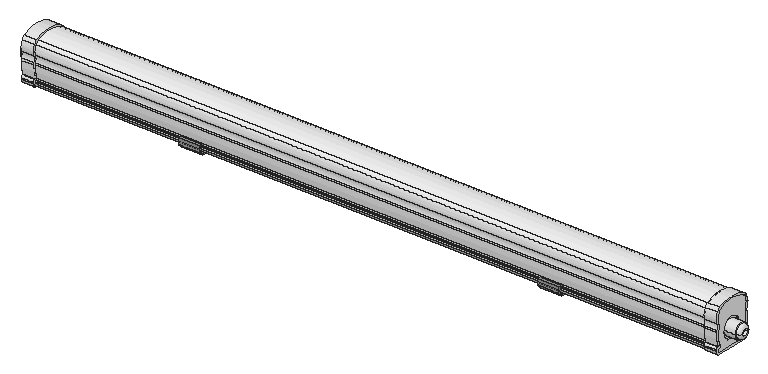
Revit family "0046033", category Lighting Fixtures, host Face, Revit 2016
Family settings
  Host = Face
  Part Type = Normal
  Round Connector Dimension = Use Diameter
  OmniClass Number = 23.80.70.00
  OmniClass Title = Lighting
  Cut with Voids When Loaded = No
  Light Source = Yes
  Shared = No
  Room Calculation Point = No
Parameters (values of type "0046033 ST WTRPRF SLIM 1200 IP65 2400LM 840")
  Weight = "7.26 kg"
  Wattage Comments = ""
  Wattage = 19 W
  WarrantyStartDate [instance] = "n/a"
  WarrantyGuarantorParts = "n/a"
  WarrantyDurationUnit = "n/a"
  WarrantyDurationParts = "n/a"
  WarrantyDescription = "n/a"
  built-in parameter 1150110 = 1 (stored number, unit not read)
  Voltage = 0 V
  URL = "http://www.sylvania-lighting.com"
  TypeName = "START Waterproof Slim 1200 IP65 2400lm 840"
  Type Image = <None>
  Type Comments = "n/a"
  built-in parameter 1114217 = 1 (stored number, unit not read)
  Tilt Angle = -90.00°
  built-in parameter 1150109 = 1 (stored number, unit not read)
  built-in parameter 1150134 = 12
  built-in parameter 1150113 = 1 (stored number, unit not read)
  SerialNumber [instance] = "n/a"
  S_SYL = no
  Photometric Web File = "0046033.ies"
  Material_3_SYL = Aluminum
  PowerFactor = 0.9
  PowerConsumption = "19 W"
  NominalLength = 1208 mm
  NominalHeight = 75 mm
  NominalDepth = 63 mm
  Name = "START Waterproof Slim 1200 IP65 2400lm 840"
  ModelReference = Name  # "START Waterproof Slim 1200 IP65 2400lm 840"
  ModelNumber = "0046033"
  Model = Name  # "START Waterproof Slim 1200 IP65 2400lm 840"
  Material = "n/a"
  ManufacturerName = "Feilo Sylvania"
  Manufacturer = "Feilo Sylvania"
  M_SYL = yes
  LuminousEfficacy = "130 lm/W"
  built-in parameter 1150105 = 718.15 (stored number, unit not read)
  Lumens = 2470 lm
  LuminaireType = ""
  built-in parameter 1150115 = 1 (stored number, unit not read)
  LightOutputRatio = "n/a"
  built-in parameter 1150137 = (empty or 0)
  built-in parameter 1150139 = (empty or 0)
  Length_SYL = if(S_SYL, 601 mm, if(M_SYL, 1161 mm, 1442 mm))  # 1161 mm
  LampsType = Lamp  # "LED"
  LampNominalLuminous = "2400 lm"
  LampMacAdamStep = "n/a"
  LampColourTemperature = "4000 K"
  LampColourRenderingIndex = "80"
  built-in parameter 1150112 = 1 (stored number, unit not read)
  built-in parameter 1150114 = 1 (stored number, unit not read)
  Lamp = "LED"
  Keynote = "16500"
  InstallationDate [instance] = "n/a"
  InputVoltage = "n/a"
  InputNominalFrequency = "n/a"
  built-in parameter 1150132 = (empty or 0)
  built-in parameter 1150102 = (empty or 0)
  built-in parameter 1150107 = 4000 (stored number, unit not read)
  built-in parameter 1150138 = (empty or 0)
  IngressProtection = "IP65"
  ImpactProtectionIndex = "IK08"
  built-in parameter 1150106 = 7.1815 (stored number, unit not read)
  IfcExportType = "IfcLightFixtureType"
  IfcExportAs = "IfcLightFixtureType"
  Emit from Rectangle Width = 60 mm
  Emit from Rectangle Length = Length_SYL - 41 mm  # 1120 mm
  Emit Shape Visible in Rendering = no
  ElectricShockClassification = "Class I"
  built-in parameter 1150104 = 12.077 (stored number, unit not read)
  DocumentationLiterature = "http://www.sylvania-lighting.com/product/en-int/products/0046033"
  DimmingControlOptions = "n/a"
  Material_2_SYL = Diffuser-Sylvania
  Dimming Lamp Color Temperature Shift = <None>
  Description = "START Waterproof Slim is a LED integrated polycarbonate housing luminaire with easy to access electrical terminal through bayonet lock end caps and tool-free electrical connection due to push-in terminal. Flexible installation as mounting brackets can be positioned freely on the luminaire. 19W; 2400lm; High efficiency with 130lm/W and 50,000 lifetime. SDCM ≤6; IP65; IK08; Class I; 1208mm x 63mm x 75mm ,"
  Default Elevation = 1219.2 mm
  CreatedOn = "3/5/2019"
  CreatedBy = "@sylvania-lighting.com"
  Cost = 0
  Color Filter = 16777215
  built-in parameter 1114216 [instance] = (empty or 0)
  ClassificationValue = "EF_70_80"
  ClassificationName = "Uniclass2015"
  Material_1_SYL = PC/ABS Plastic
  BracketDistance_SYL = if(S_SYL, 300 mm, if(M_SYL, 600 mm, 750 mm))  # 600 mm
  BarCode [instance] = "n/a"
  built-in parameter 1114218 = 1 (stored number, unit not read)
  built-in parameter 1150133 = 10 (stored number, unit not read)
  AssetType = "Fixed"
  AssetIdentifier [instance] = "n/a"
  Assembly Code = "D5020200"
  Apparent Load = 19 VA
  Material_4_SYL = none
Reference planes
  plane 1 "Center (Front/Back)": y = 0
  plane 2: z = 0
  plane 3 "Center (Left/Right)": x = 0
  plane 4: y = 31.5
  plane 5: y = -31.5
  plane 6: z = 86
  plane 7: z = 5
  plane 8: x = -580.5
  plane 9: x = 580.5
  plane 10: x = -560
  plane 11: x = 560
  plane 12: x = -579.5
  plane 13: x = 579.5
  plane 14: z = 33.7
  plane 15: y = 11
  plane 16: x = 575.5
  plane 17: x = -575.5
  plane 18: y = 17
  plane 19: x = 596
  plane 20: x = -596
  plane 21: x = 602.2
  plane 22: x = -602.2
  plane 23: y = 12.2
  plane 24: y = 6.2
  plane 25: z = 1
  plane 26: y = 26
  plane 27: y = -26
  plane 28: z = 15
  plane 29: x = -300
  plane 30: x = 300
  plane 31: x = -317.5
  plane 32: x = -282.5
  plane 33: x = 317.5
  plane 34: x = 282.5
Forms (mm)
  Extrusion 1, solid
    sketch origin (0, 0, 5) x (0, 1, 0) y (0, 0, 1)
      loop
        arc (26.446, 12.356) -> (28.93, 23.033) -> (29.9, 33.951) r 78.424
        arc (29.9, 33.951) -> (29.789, 35.375) -> (29.407, 36.75) r 7.401
        arc (29.407, 36.75) -> (28.37, 42.326) -> (29.407, 47.901) r 15.507
        arc (29.407, 47.901) -> (30.59, 55.782) -> (28.321, 63.421) r 18.358
        arc (28.321, 63.421) -> (26.333, 66.056) -> (23.699, 68.044) r 11.911
        arc (23.699, 68.044) -> (0, 74.189) -> (-23.699, 68.044) r 48.773
        arc (-23.699, 68.044) -> (-26.333, 66.056) -> (-28.321, 63.421) r 11.911
        arc (-28.321, 63.421) -> (-30.59, 55.782) -> (-29.407, 47.901) r 18.358
        arc (-29.407, 47.901) -> (-28.37, 42.326) -> (-29.407, 36.75) r 15.507
        arc (-29.407, 36.75) -> (-29.789, 35.375) -> (-29.9, 33.951) r 7.401
        arc (-29.9, 33.951) -> (-28.93, 23.033) -> (-26.446, 12.356) r 78.424
        line (-26.446, 12.356) -> (-26.446, 9.516) -> (-28.478, 9.516)
        arc (-28.478, 9.516) -> (-29.483, 9.1) -> (-29.9, 8.094) r 1.422
        line (-29.9, 8.094) -> (-29.9, 5.51)
        arc (-29.9, 5.51) -> (-28.755, 2.745) -> (-25.99, 1.6) r 3.91
        line (-25.99, 1.6) -> (0, 1.6) -> (25.99, 1.6)
        arc (25.99, 1.6) -> (28.755, 2.745) -> (29.9, 5.51) r 3.91
        line (29.9, 5.51) -> (29.9, 8.094)
        arc (29.9, 8.094) -> (29.483, 9.1) -> (28.478, 9.516) r 1.422
        line (28.478, 9.516) -> (26.446, 9.516) -> (26.446, 12.356)
    from -560 to 560
  Extrusion 2, solid, material "PC/ABS Plastic" <- "Material_1_SYL"
    sketch origin (560, 1524, 1224.2) x (0, 1, 0) y (0, 0, 1)
      loop
        line (-1552.046, -1207.084) -> (-1552.046, -1208.115)
        arc (-1552.046, -1208.115) -> (-1554.456, -1208.821) -> (-1555.5, -1211.106) r 3.022
        line (-1555.5, -1211.106) -> (-1555.5, -1213.69)
        arc (-1555.5, -1213.69) -> (-1553.886, -1217.586) -> (-1549.99, -1219.2) r 5.51
        line (-1549.99, -1219.2) -> (-1524, -1219.2) -> (-1498.01, -1219.2)
        arc (-1498.01, -1219.2) -> (-1494.114, -1217.586) -> (-1492.5, -1213.69) r 5.51
        line (-1492.5, -1213.69) -> (-1492.5, -1211.106)
        arc (-1492.5, -1211.106) -> (-1493.544, -1208.821) -> (-1495.954, -1208.115) r 3.022
        line (-1495.954, -1208.115) -> (-1495.954, -1207.084)
        arc (-1495.954, -1207.084) -> (-1493.471, -1196.301) -> (-1492.5, -1185.279) r 80.024
        arc (-1492.5, -1185.279) -> (-1492.635, -1183.547) -> (-1493.1, -1181.874) r 9.001
        arc (-1493.1, -1181.874) -> (-1494.03, -1176.874) -> (-1493.1, -1171.874) r 13.907
        arc (-1493.1, -1171.874) -> (-1491.814, -1163.307) -> (-1494.28, -1155.001) r 19.958
        arc (-1494.28, -1155.001) -> (-1496.535, -1152.013) -> (-1499.524, -1149.758) r 13.511
        arc (-1499.524, -1149.758) -> (-1524, -1143.411) -> (-1548.476, -1149.758) r 50.373
        arc (-1548.476, -1149.758) -> (-1551.465, -1152.013) -> (-1553.72, -1155.001) r 13.511
        arc (-1553.72, -1155.001) -> (-1556.186, -1163.307) -> (-1554.9, -1171.874) r 19.958
        arc (-1554.9, -1171.874) -> (-1553.97, -1176.874) -> (-1554.9, -1181.874) r 13.907
        arc (-1554.9, -1181.874) -> (-1555.365, -1183.547) -> (-1555.5, -1185.279) r 9.001
        arc (-1555.5, -1185.279) -> (-1554.529, -1196.301) -> (-1552.046, -1207.084) r 80.024
    from 0 to 20.5
  Extrusion 3, solid, material "PC/ABS Plastic" <- "Material_1_SYL"
    sketch origin (-560, 1524, 1224.2) x (0, 1, 0) y (0, 0, 1)
      loop
        arc (-1499.524, -1149.758) -> (-1524, -1143.411) -> (-1548.476, -1149.758) r 50.373
        arc (-1548.476, -1149.758) -> (-1551.465, -1152.013) -> (-1553.72, -1155.001) r 13.511
        arc (-1553.72, -1155.001) -> (-1556.186, -1163.307) -> (-1554.9, -1171.874) r 19.958
        arc (-1554.9, -1171.874) -> (-1553.97, -1176.874) -> (-1554.9, -1181.874) r 13.907
        arc (-1554.9, -1181.874) -> (-1555.365, -1183.547) -> (-1555.5, -1185.279) r 9.001
        arc (-1555.5, -1185.279) -> (-1554.529, -1196.301) -> (-1552.046, -1207.084) r 80.024
        line (-1552.046, -1207.084) -> (-1552.046, -1208.115)
        arc (-1552.046, -1208.115) -> (-1554.456, -1208.821) -> (-1555.5, -1211.106) r 3.022
        line (-1555.5, -1211.106) -> (-1555.5, -1213.69)
        arc (-1555.5, -1213.69) -> (-1553.886, -1217.586) -> (-1549.99, -1219.2) r 5.51
        line (-1549.99, -1219.2) -> (-1524, -1219.2) -> (-1498.01, -1219.2)
        arc (-1498.01, -1219.2) -> (-1494.114, -1217.586) -> (-1492.5, -1213.69) r 5.51
        line (-1492.5, -1213.69) -> (-1492.5, -1211.106)
        arc (-1492.5, -1211.106) -> (-1493.544, -1208.821) -> (-1495.954, -1208.115) r 3.022
        line (-1495.954, -1208.115) -> (-1495.954, -1207.084)
        arc (-1495.954, -1207.084) -> (-1493.471, -1196.301) -> (-1492.5, -1185.279) r 80.024
        arc (-1492.5, -1185.279) -> (-1492.635, -1183.547) -> (-1493.1, -1181.874) r 9.001
        arc (-1493.1, -1181.874) -> (-1494.03, -1176.874) -> (-1493.1, -1171.874) r 13.907
        arc (-1493.1, -1171.874) -> (-1491.814, -1163.307) -> (-1494.28, -1155.001) r 19.958
        arc (-1494.28, -1155.001) -> (-1496.535, -1152.013) -> (-1499.524, -1149.758) r 13.511
    from -20.5 to 0
  Extrusion 4, void
    sketch origin (580.5, 1524, 1224.2) x (0, -1, 0) y (0, 0, 1)
      loop
        arc (1553.033, -1171.155) -> (1554.191, -1163.446) -> (1551.972, -1155.973) r 17.958
        arc (1551.972, -1155.973) -> (1550.051, -1153.427) -> (1547.504, -1151.506) r 11.511
        arc (1547.504, -1151.506) -> (1524, -1145.411) -> (1500.496, -1151.506) r 48.373
        arc (1500.496, -1151.506) -> (1497.949, -1153.427) -> (1496.028, -1155.973) r 11.511
        arc (1496.028, -1155.973) -> (1493.809, -1163.446) -> (1494.967, -1171.155) r 17.958
        arc (1494.967, -1171.155) -> (1496.03, -1176.874) -> (1494.967, -1182.593) r 15.907
        arc (1494.967, -1182.593) -> (1494.605, -1183.895) -> (1494.5, -1185.241) r 7.001
        arc (1494.5, -1185.241) -> (1495.47, -1196.134) -> (1497.954, -1206.784) r 78.024
        line (1497.954, -1206.784) -> (1497.954, -1210.094) -> (1495.668, -1210.094)
        arc (1495.668, -1210.094) -> (1494.853, -1210.333) -> (1494.5, -1211.106) r 1.022
        line (1494.5, -1211.106) -> (1494.5, -1213.69)
        arc (1494.5, -1213.69) -> (1495.528, -1216.172) -> (1498.01, -1217.2) r 3.51
        line (1498.01, -1217.2) -> (1524, -1217.2) -> (1549.99, -1217.2)
        arc (1549.99, -1217.2) -> (1552.472, -1216.172) -> (1553.5, -1213.69) r 3.51
        line (1553.5, -1213.69) -> (1553.5, -1211.106)
        arc (1553.5, -1211.106) -> (1553.147, -1210.333) -> (1552.332, -1210.094) r 1.022
        line (1552.332, -1210.094) -> (1550.046, -1210.094) -> (1550.046, -1206.784)
        arc (1550.046, -1206.784) -> (1552.53, -1196.134) -> (1553.5, -1185.241) r 78.024
        arc (1553.5, -1185.241) -> (1553.395, -1183.895) -> (1553.033, -1182.593) r 7.001
        arc (1553.033, -1182.593) -> (1551.97, -1176.874) -> (1553.033, -1171.155) r 15.907
    from 0 to 1
  Extrusion 5, void
    sketch origin (-580.5, 1524, 1224.2) x (0, -1, 0) y (0, 0, 1)
      loop
        arc (1547.504, -1151.506) -> (1524, -1145.411) -> (1500.496, -1151.506) r 48.373
        arc (1500.496, -1151.506) -> (1497.949, -1153.427) -> (1496.028, -1155.973) r 11.511
        arc (1496.028, -1155.973) -> (1493.809, -1163.446) -> (1494.967, -1171.155) r 17.958
        arc (1494.967, -1171.155) -> (1496.03, -1176.874) -> (1494.967, -1182.593) r 15.907
        arc (1494.967, -1182.593) -> (1494.605, -1183.895) -> (1494.5, -1185.241) r 7.001
        arc (1494.5, -1185.241) -> (1495.47, -1196.134) -> (1497.954, -1206.784) r 78.024
        line (1497.954, -1206.784) -> (1497.954, -1210.094) -> (1495.668, -1210.094)
        arc (1495.668, -1210.094) -> (1494.853, -1210.333) -> (1494.5, -1211.106) r 1.022
        line (1494.5, -1211.106) -> (1494.5, -1213.69)
        arc (1494.5, -1213.69) -> (1495.528, -1216.172) -> (1498.01, -1217.2) r 3.51
        line (1498.01, -1217.2) -> (1524, -1217.2) -> (1549.99, -1217.2)
        arc (1549.99, -1217.2) -> (1552.472, -1216.172) -> (1553.5, -1213.69) r 3.51
        line (1553.5, -1213.69) -> (1553.5, -1211.106)
        arc (1553.5, -1211.106) -> (1553.147, -1210.333) -> (1552.332, -1210.094) r 1.022
        line (1552.332, -1210.094) -> (1550.046, -1210.094) -> (1550.046, -1206.784)
        arc (1550.046, -1206.784) -> (1552.53, -1196.134) -> (1553.5, -1185.241) r 78.024
        arc (1553.5, -1185.241) -> (1553.395, -1183.895) -> (1553.033, -1182.593) r 7.001
        arc (1553.033, -1182.593) -> (1551.97, -1176.874) -> (1553.033, -1171.155) r 15.907
        arc (1553.033, -1171.155) -> (1554.191, -1163.446) -> (1551.972, -1155.973) r 17.958
        arc (1551.972, -1155.973) -> (1550.051, -1153.427) -> (1547.504, -1151.506) r 11.511
    from 0 to -1
  Revolve 6, void
    sketch origin (0, 1219.2, 33.7) x (1, 0, 0) y (0, 1, 0)
      loop
        line (579.5, -1202.2) -> (575.5, -1202.2) -> (575.5, -1219.2) -> (579.5, -1219.2) -> (579.5, -1202.2)
      loop
        line (-575.5, -1219.2) -> (-575.5, -1202.2) -> (-579.5, -1202.2) -> (-579.5, -1219.2) -> (-575.5, -1219.2)
      axis (579.5, -1219.2) -> (-579.5, -1219.2)
    angle from 360 to 0
  Revolve 7, solid, material "PC/ABS Plastic" <- "Material_1_SYL"
    sketch origin (0, 1219.2, 33.7) x (1, 0, 0) y (0, 1, 0)
      loop
        line (575.5, -1219.2) -> (596, -1219.2) -> (596, -1213) -> (602.2, -1213)
        arc (602.2, -1213) -> (599.92, -1209.54) -> (596, -1208.2) r 6.404
        line (596, -1208.2) -> (596, -1207) -> (575.5, -1207) -> (575.5, -1219.2)
      loop
        line (-575.5, -1219.2) -> (-575.5, -1207) -> (-596, -1207) -> (-596, -1208.2)
        arc (-596, -1208.2) -> (-599.92, -1209.54) -> (-602.2, -1213) r 6.404
        line (-602.2, -1213) -> (-596, -1213) -> (-596, -1219.2) -> (-575.5, -1219.2)
      axis (602.2, -1219.2) -> (-602.2, -1219.2)
    angle from 360 to 0
  Extrusion 8, solid, material "Aluminum" <- "Material_3_SYL"
    sketch origin (-300, 1524, 1214.2) x (0, 1, 0) y (0, 0, 1)
      loop
        line (-1498, -1213.2) -> (-1550, -1213.2) -> (-1555.5, -1207.7) -> (-1555.5, -1199.2) -> (-1550.446, -1199.2) -> (-1550.446, -1198.2) -> (-1556.5, -1198.2) -> (-1556.5, -1208.114) -> (-1550.414, -1214.2) -> (-1497.586, -1214.2) -> (-1491.5, -1208.114) -> (-1491.5, -1198.2) -> (-1497.554, -1198.2) -> (-1497.554, -1199.2) -> (-1492.5, -1199.2) -> (-1492.5, -1207.7) -> (-1498, -1213.2)
    from -17.5 to 17.5
  Extrusion 9, solid, material "Aluminum" <- "Material_3_SYL"
    sketch origin (300, 1524, 1214.2) x (0, 1, 0) y (0, 0, 1)
      loop
        line (-1550, -1213.2) -> (-1555.5, -1207.7) -> (-1555.5, -1199.2) -> (-1550.446, -1199.2) -> (-1550.446, -1198.2) -> (-1556.5, -1198.2) -> (-1556.5, -1208.114) -> (-1550.414, -1214.2) -> (-1497.586, -1214.2) -> (-1491.5, -1208.114) -> (-1491.5, -1198.2) -> (-1497.554, -1198.2) -> (-1497.554, -1199.2) -> (-1492.5, -1199.2) -> (-1492.5, -1207.7) -> (-1498, -1213.2) -> (-1550, -1213.2)
    from -17.5 to 17.5
Cuts and joins
  Extrusion 4, Revolve 6 cuts Extrusion 2
  Extrusion 5, Revolve 6 cuts Extrusion 3
Lines and regions (mm)
  reference lines
    curve 1: line (0, 0, 5) -> (0, -25.99, 5)
    curve 2: line (0, -31.5, 10.51) -> (0, -31.5, 13.094)
    curve 3: line (0, -28.478, 16.116) -> (0, -28.046, 16.116)
    curve 4: line (0, -28.046, 16.116) -> (0, -28.046, 17.116)
    curve 5: arc (0, -28.046, 17.116) -> (0, -30.529, 27.899) -> (0, -31.5, 38.921) r 80.024
    curve 6: arc (0, -31.5, 38.921) -> (0, -31.365, 40.653) -> (0, -30.9, 42.326) r 9.001
    curve 7: arc (0, -30.9, 42.326) -> (0, -29.97, 47.326) -> (0, -30.9, 52.326) r 13.907
    curve 8: arc (0, -30.9, 52.326) -> (0, -32.186, 60.893) -> (0, -29.72, 69.199) r 19.958
    curve 9: arc (0, -29.72, 69.199) -> (0, -27.465, 72.187) -> (0, -24.476, 74.442) r 13.511
    curve 10: arc (0, -31.5, 13.094) -> (0, -30.615, 15.231) -> (0, -28.478, 16.116) r 3.022
    curve 11: arc (0, -25.99, 5) -> (0, -29.886, 6.614) -> (0, -31.5, 10.51) r 5.51
    curve 12: line (0, 0, 5) -> (0, 25.99, 5)
    curve 13: line (0, 31.5, 10.51) -> (0, 31.5, 13.094)
    curve 14: line (0, 28.478, 16.116) -> (0, 28.046, 16.116)
    curve 15: line (0, 28.046, 16.116) -> (0, 28.046, 17.116)
    curve 16: arc (0, 28.046, 17.116) -> (0, 30.529, 27.899) -> (0, 31.5, 38.921) r 80.024
    curve 17: arc (0, 31.5, 38.921) -> (0, 31.365, 40.653) -> (0, 30.9, 42.326) r 9.001
    curve 18: arc (0, 30.9, 42.326) -> (0, 29.97, 47.326) -> (0, 30.9, 52.326) r 13.907
    curve 19: arc (0, 30.9, 52.326) -> (0, 32.186, 60.893) -> (0, 29.72, 69.199) r 19.958
    curve 20: arc (0, 29.72, 69.199) -> (0, 27.465, 72.187) -> (0, 24.476, 74.442) r 13.511
    curve 21: arc (0, 31.5, 13.094) -> (0, 30.615, 15.231) -> (0, 28.478, 16.116) r 3.022
    curve 22: arc (0, 25.99, 5) -> (0, 29.886, 6.614) -> (0, 31.5, 10.51) r 5.51
    curve 23: arc (0, -24.476, 74.442) -> (0, 0, 80.789) -> (0, 24.476, 74.442) r 50.373
    curve 24: circle (0, 0, 33.7) r 17 normal (1, 0, 0)
    curve 25: circle (0, 0, 33.7) r 11 normal (1, 0, 0)
    curve 26: line (0, -26, 1) -> (0, -31.5, 6.5)
    curve 27: line (0, 26, 1) -> (0, 31.5, 6.5)
Dimensions and locks
  equal spacing: plane 5, plane 1 "Center (Front/Back)", plane 4
  plane 5 to plane 4 = 63 mm
  equal spacing: plane 8, plane 3 "Center (Left/Right)", plane 9
  "Length_SYL": plane 8 to plane 9
  equal spacing: plane 10, plane 3 "Center (Left/Right)", plane 11
  locked: plane 8 to plane 10 at 20.5
  equal spacing: plane 12, plane 3 "Center (Left/Right)", plane 13
  locked: plane 8 to plane 12 at 1
  locked: plane 7 to plane 14 at 28.7
  equal spacing: plane 17, plane 3 "Center (Left/Right)", plane 16
  locked: plane 12 to plane 17 at 4
  locked: plane 1 "Center (Front/Back)" to plane 15 at 11
  locked: plane 1 "Center (Front/Back)" to plane 18 at 17
  equal spacing: plane 20, plane 3 "Center (Left/Right)", plane 19
  equal spacing: plane 22, plane 3 "Center (Left/Right)", plane 21
  locked: plane 20 to plane 12 at 16.5
  locked: plane 22 to plane 20 at 6.2
  locked: plane 15 to plane 23 at 1.2
  locked: plane 1 "Center (Front/Back)" to plane 24 at 6.2
  locked: plane 25 to plane 7 at 4
  equal spacing: plane 27, plane 1 "Center (Front/Back)", plane 26
  locked: plane 27 to plane 26 at 52
  locked: plane 7 to plane 28 at 10
  equal spacing: plane 29, plane 3 "Center (Left/Right)", plane 30
  "BracketDistance_SYL": plane 29 to plane 30
  plane 31 to plane 29 to plane 32 = 17.5 mm locked, 17.5 mm locked
  plane 34 to plane 30 to plane 33 = 17.5 mm locked, 17.5 mm locked
  aligned and locked: plane 2 to host face
  aligned and locked: level to host face
  aligned and locked: curve 1 to plane 7
  aligned and locked: curve 2 to plane 5
  aligned and locked: plane 5 to curve 5
  aligned and locked: Extrusion 1 to plane 10
  aligned and locked: plane 11 to Extrusion 1
  aligned and locked: Extrusion 2 sketch curve to curve 5
  aligned and locked: Extrusion 2 sketch curve to curve 6
  aligned and locked: Extrusion 2 sketch curve to curve 7
  aligned and locked: Extrusion 2 sketch curve to curve 8
  aligned and locked: Extrusion 2 sketch curve to curve 9
  aligned and locked: Extrusion 2 sketch curve to curve 23
  aligned and locked: Extrusion 2 sketch curve to curve 20
  aligned and locked: Extrusion 2 sketch curve to curve 19
  aligned and locked: Extrusion 2 sketch curve to curve 18
  aligned and locked: Extrusion 2 sketch curve to curve 17
  aligned and locked: Extrusion 2 sketch curve to curve 16
  aligned and locked: Extrusion 2 sketch curve to curve 21
  aligned and locked: Extrusion 2 sketch curve to curve 22
  aligned and locked: Extrusion 2 sketch curve to curve 1
  aligned and locked: Extrusion 2 sketch curve to curve 11
  aligned and locked: Extrusion 2 sketch curve to curve 10
  aligned and locked: Extrusion 2 sketch curve to curve 15
  aligned and locked: Extrusion 2 sketch curve to curve 4
  aligned and locked: plane 9 to Extrusion 2
  aligned and locked: Extrusion 2 to Extrusion 1
  aligned and locked: Extrusion 3 sketch curve to Extrusion 2  (x18)
  aligned and locked: Extrusion 3 to plane 8
  aligned and locked: Extrusion 3 to Extrusion 1
  aligned and locked: Extrusion 4 to plane 13
  aligned and locked: Extrusion 5 sketch curve to cut or joined group of Extrusion 2, Extrusion 4, Revolve 6  (x20)
  aligned and locked: plane 12 to Extrusion 5
  aligned and locked: Extrusion 5 to plane 8
  aligned and locked: plane 1 "Center (Front/Back)" to curve 24
  aligned and locked: plane 14 to curve 24
  aligned and locked: plane 1 "Center (Front/Back)" to curve 25
  aligned and locked: plane 14 to curve 25
  aligned and locked: Revolve 6 sketch curve to plane 1 "Center (Front/Back)"  (x2)
  aligned and locked: plane 18 to Revolve 6 sketch curve
  aligned and locked: Revolve 6 sketch curve to plane 13
  aligned and locked: plane 16 to Revolve 6 sketch curve
  aligned and locked: plane 1 "Center (Front/Back)" to Revolve 6 sketch curve
  aligned and locked: plane 17 to Revolve 6 sketch curve
  aligned and locked: Revolve 6 sketch curve to plane 18
  aligned and locked: Revolve 6 sketch curve to plane 12
  aligned and locked: Revolve 7 sketch curve to plane 1 "Center (Front/Back)"  (x3)
  aligned and locked: Revolve 7 sketch curve to cut or joined group of Extrusion 2, Extrusion 4, Revolve 6
  aligned and locked: Revolve 7 sketch curve to plane 23
  aligned and locked: Revolve 7 sketch curve to plane 19
  aligned and locked: Revolve 7 sketch curve to plane 24  (x2)
  aligned and locked: plane 19 to Revolve 7 sketch curve
  aligned and locked: Revolve 7 sketch curve to plane 17
  aligned and locked: plane 20 to Revolve 7 sketch curve
  aligned and locked: Revolve 7 sketch curve to plane 20
  aligned and locked: plane 23 to Revolve 7 sketch curve
  aligned and locked: imposter light to plane 1 "Center (Front/Back)"
  aligned and locked: imposter light to plane 6
  aligned and locked: plane 3 "Center (Left/Right)" to imposter light
  aligned and locked: plane 27 to curve 26
  aligned and locked: plane 5 to curve 26
  aligned and locked: plane 25 to curve 27
  aligned and locked: plane 4 to curve 27
  aligned and locked: Extrusion 8 sketch curve to plane 25
  aligned and locked: Extrusion 8 sketch curve to curve 27
  aligned and locked: plane 28 to Extrusion 8 sketch curve  (x2)
  aligned and locked: Extrusion 8 sketch curve to plane 4
  aligned and locked: Extrusion 1 to Extrusion 8 sketch curve  (x3)
  aligned and locked: Extrusion 8 sketch curve to curve 26
  aligned and locked: Extrusion 8 sketch curve to plane 5
  aligned and locked: Extrusion 8 sketch curve to Extrusion 1
  aligned and locked: plane 32 to Extrusion 8
  aligned and locked: Extrusion 8 to plane 31
  aligned and locked: Extrusion 9 sketch curve to Extrusion 8  (x16)
  aligned and locked: plane 33 to Extrusion 9
  aligned and locked: Extrusion 9 to plane 34
Automatic sketch dimensions
  host sketch curve to host sketch curve = 2438.4 mm  (x2)
  Extrusion 1 sketch curve to plane 1 "Center (Front/Back)" = 0 mm  (x2)
  plane 1 "Center (Front/Back)" to Extrusion 1 sketch curve = 12.276 mm
  Extrusion 1 sketch curve to Extrusion 1 sketch curve = 5.635 mm  (x2)
  Extrusion 1 sketch curve to plane 5 = 8.999 mm
  level to Extrusion 1 sketch curve = 6.6 mm
  Extrusion 1 sketch curve to plane 5 = 5.51 mm
  Extrusion 1 sketch curve to plane 5 = 5.054 mm
  Extrusion 1 sketch curve to Extrusion 1 sketch curve = 2.031 mm  (x2)
  Extrusion 1 sketch curve to plane 5 = 1.6 mm
  plane 5 to Extrusion 1 sketch curve = 12.377 mm
  Extrusion 1 sketch curve to Extrusion 1 sketch curve = 4.633 mm  (x2)
  Extrusion 1 sketch curve to plane 1 "Center (Front/Back)" = 12.276 mm
  plane 4 to Extrusion 1 sketch curve = 8.999 mm
  plane 4 to Extrusion 1 sketch curve = 5.51 mm
  plane 4 to Extrusion 1 sketch curve = 5.054 mm
  Extrusion 1 sketch curve to Extrusion 1 sketch curve = 1.422 mm
  Extrusion 1 sketch curve to plane 4 = 12.377 mm
  Extrusion 1 sketch curve to Extrusion 1 sketch curve = 2.584 mm  (x2)
  Extrusion 1 sketch curve to Extrusion 1 sketch curve = 2.839 mm  (x2)
  Extrusion 1 sketch curve to Extrusion 1 sketch curve = 23.816 mm
  Extrusion 1 sketch curve to Extrusion 1 sketch curve = 21.734 mm  (x2)
  Extrusion 1 sketch curve to Extrusion 1 sketch curve = 1.328 mm
  Extrusion 1 sketch curve to Extrusion 1 sketch curve = 1.466 mm
  Extrusion 1 sketch curve to Extrusion 1 sketch curve = 6.908 mm  (x2)
  plane 6 to Extrusion 1 sketch curve = 26.499 mm  (x2)
  Extrusion 1 sketch curve to Extrusion 1 sketch curve = 3.132 mm  (x2)
  Extrusion 1 sketch curve to plane 5 = 7.801 mm
  Extrusion 1 sketch curve to Extrusion 1 sketch curve = 0 mm  (x7)
  plane 4 to Extrusion 1 sketch curve = 2.093 mm
  Extrusion 2 sketch curve to plane 1 "Center (Front/Back)" = 0 mm
  Extrusion 2 sketch curve to Extrusion 2 sketch curve = 0.431 mm
  Extrusion 3 sketch curve to plane 1 "Center (Front/Back)" = 0 mm
  Extrusion 4 sketch curve to plane 1 "Center (Front/Back)" = 0 mm  (x2)
  Extrusion 4 sketch curve to plane 1 "Center (Front/Back)" = 12.276 mm
  Extrusion 4 sketch curve to Extrusion 4 sketch curve = 5.635 mm  (x2)
  plane 4 to Extrusion 4 sketch curve = 8.999 mm
  level to Extrusion 4 sketch curve = 7 mm
  plane 4 to Extrusion 4 sketch curve = 5.51 mm
  plane 4 to Extrusion 4 sketch curve = 5.454 mm
  Extrusion 4 sketch curve to Extrusion 4 sketch curve = 2.431 mm
  plane 4 to Extrusion 4 sketch curve = 2 mm
  Extrusion 4 sketch curve to plane 4 = 12.377 mm
  Extrusion 4 sketch curve to Extrusion 4 sketch curve = 4.633 mm  (x2)
  plane 1 "Center (Front/Back)" to Extrusion 4 sketch curve = 12.276 mm
  Extrusion 4 sketch curve to plane 5 = 8.999 mm
  Extrusion 4 sketch curve to plane 5 = 5.51 mm
  Extrusion 4 sketch curve to Extrusion 4 sketch curve = 0.056 mm
  Extrusion 4 sketch curve to Extrusion 4 sketch curve = 2.285 mm
  Extrusion 4 sketch curve to Extrusion 4 sketch curve = 0.146 mm  (x2)
  Extrusion 4 sketch curve to Extrusion 4 sketch curve = 1.022 mm
  plane 5 to Extrusion 4 sketch curve = 12.377 mm
  Extrusion 4 sketch curve to Extrusion 4 sketch curve = 2.584 mm  (x2)
  Extrusion 4 sketch curve to Extrusion 4 sketch curve = 3.31 mm
  Extrusion 4 sketch curve to Extrusion 4 sketch curve = 4.322 mm
  Extrusion 4 sketch curve to Extrusion 4 sketch curve = 23.416 mm
  Extrusion 4 sketch curve to Extrusion 4 sketch curve = 21.674 mm  (x2)
  Extrusion 4 sketch curve to Extrusion 4 sketch curve = 1.328 mm
  Extrusion 4 sketch curve to Extrusion 4 sketch curve = 1.459 mm
  Extrusion 4 sketch curve to Extrusion 4 sketch curve = 6.908 mm  (x2)
  plane 6 to Extrusion 4 sketch curve = 26.499 mm  (x2)
  Extrusion 4 sketch curve to Extrusion 4 sketch curve = 3.132 mm  (x2)
  plane 4 to Extrusion 4 sketch curve = 7.996 mm
  Extrusion 4 sketch curve to Extrusion 4 sketch curve = 0 mm  (x7)
  Extrusion 4 sketch curve to plane 5 = 2.467 mm
  Extrusion 5 sketch curve to plane 1 "Center (Front/Back)" = 0 mm
  Revolve 6 sketch curve to plane 8 = 1368.5 mm
  plane 9 to Revolve 6 sketch curve = 1368.5 mm
  Revolve 7 sketch curve to plane 22 = 0 mm
  plane 15 to Revolve 7 sketch curve = 0 mm  (x2)
  Revolve 7 sketch curve to plane 21 = 0 mm
  Revolve 7 sketch curve to plane 22 = 1346.8 mm
  plane 21 to Revolve 7 sketch curve = 1346.8 mm
  curve 6 to plane 5 = 0 mm
  curve 23 to plane 1 "Center (Front/Back)" = 0 mm
  curve 1 to plane 1 "Center (Front/Back)" = 0 mm
  curve 27 to plane 26 = 0 mm
  curve 21 to plane 4 = 0 mm
  curve 17 to plane 4 = 0 mm
  curve 16 to plane 4 = 0 mm
  plane 25 to curve 26 = 0 mm
  plane 5 to curve 7 = 12.377 mm
  curve 16 to curve 7 = 4.633 mm
  plane 27 to curve 10 = 2.478 mm
  curve 3 to curve 3 = 0.431 mm
  curve 11 to plane 27 = 0.01 mm
  curve 6 to plane 27 = 3.499 mm
  curve 9 to plane 27 = 8.089 mm
  curve 9 to curve 8 = 5.635 mm
  curve 19 to plane 23 = 0.076 mm
  curve 20 to plane 18 = 0.911 mm
  plane 26 to curve 17 = 3.499 mm
  plane 26 to curve 12 = 0.01 mm
  curve 14 to plane 26 = 2.046 mm
  curve 21 to plane 26 = 2.478 mm
  curve 18 to plane 4 = 12.377 mm
  curve 18 to curve 5 = 4.633 mm
  curve 11 to curve 10 = 2.584 mm
  curve 22 to curve 21 = 2.584 mm
  curve 14 to curve 15 = 1 mm
  curve 3 to curve 4 = 1 mm
  curve 23 to curve 25 = 3.284 mm
  curve 6 to plane 14 = 5.39 mm
  curve 17 to plane 14 = 5.39 mm
  curve 5 to curve 18 = 6.908 mm
  curve 16 to curve 7 = 6.908 mm
  plane 6 to curve 19 = 26.499 mm
  plane 6 to curve 8 = 26.499 mm
  curve 19 to curve 20 = 3.132 mm
  curve 8 to curve 9 = 3.132 mm
  curve 7 to plane 5 = 0.6 mm
  curve 8 to curve 7 = 0 mm
  curve 9 to curve 8 = 0 mm
  curve 23 to curve 9 = 0 mm
  curve 20 to curve 23 = 0 mm
  curve 19 to curve 20 = 0 mm
  curve 18 to curve 17 = 0 mm
  curve 26 to plane 7 = 1.5 mm
  curve 27 to plane 7 = 1.5 mm
  plane 5 to Extrusion 8 sketch curve = 1 mm
  plane 27 to Extrusion 8 sketch curve = 0.414 mm
  Extrusion 8 sketch curve to plane 26 = 0.414 mm
  Extrusion 8 sketch curve to plane 4 = 1 mm
  plane 25 to Extrusion 8 sketch curve = 1 mm
  Extrusion 8 sketch curve to Extrusion 8 sketch curve = 0.414 mm  (x2)
  Extrusion 8 sketch curve to plane 28 = 1 mm  (x2)
  radius of curve 24 = 17 mm
  radius of curve 25 = 11 mm
Connectors
  electrical at (-596, 0, 33.7), driven by "Voltage", driven by "Apparent Load", driven by "PowerFactor"
    settings: on Revolve 7, index 1, voltage 0 V, apparent load 0 VA, apparent load phase1 19 VA, apparent load phase2 0 VA, apparent load phase3 0 VA, power factor 0.9, load classification "Other", number of poles 1, system type 31, power factor state 1, is connector primary yes, connector utility no, sub classification motor no, connector description ""
